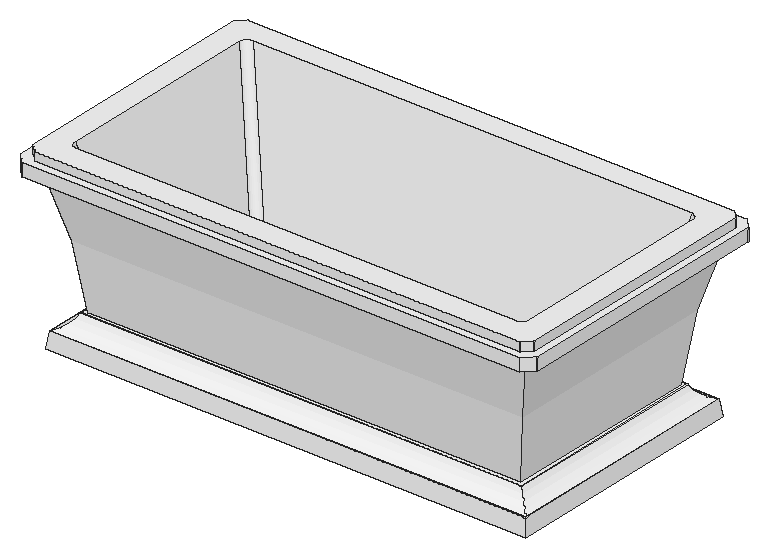
Revit family "Bathtub-Freestanding-DXV-Fitzgerald-D62645004_Series", category Plumbing Fixtures, Revit 2014
Parameters (values of type "D62645004.415")
  Width = 65 3/4"
  Waste Connection Radius = 3/4"
  Waste Connection Diameter = Waste Connection Radius * 2  # 1 1/2"
  Waste Connection = yes
  Warranty Documentation Link = "https://www.dxv.com/-/media/files/dxv/warranty/dxv_warranty_booklet.ashx"
  WFU = 4
  Vent Connection = no
  URL = "https://www.dxv.com/"
  Material = "Acrylic-DXV-415-Canvas White"
  Body Material = Acrylic-DXV-415-Canvas White
  Product Page URL = "https://www.dxv.com/product/fitzgerald-freestanding-soaking-tub-by-dxv"
  Product Documentation Link = "https://dxv01.blob.core.windows.net/dxv-product-pdf-files/spec_D62645004_DXV_Fitzgerald_freestand_tub_EN.pdf"
  Price = "Prices may vary. Please consult Manufacturer Representative for most up-to-date price list."  # constant formula
  Model = "D62645004.415"
  Manufacturer = "DXV"
  Length = 36"
  Installation Type = "Freestanding"
  Height = 23"
  HWFU = 0
  HW Connection = no
  Description = "Fitzgerald Freestanding SoakingTub"
  Default Elevation = 0"
  Creation Date = "21/2/2014"  # constant formula
  CWFU = 0
  CW Connection = no
  Assembly Code = "D2010510"
Types (3): name | Material | Body Material | Model
  (no name) | "Acrylic-DXV-415-Canvas White" | Acrylic-DXV-415-Canvas White | "D62645004.415"
  D62645004.415 | "Acrylic-DXV-415-Canvas White" | Acrylic-DXV-415-Canvas White | "D62645004.415"
  D62645004.071 | "Acrylic-DXV-071-Biscuit" | Acrylic-DXV-071-Biscuit | "D62645004.071"
Reference planes (in)
  plane 1 "Center (Front/Back)": y = 0
  plane 2: z = 0
  plane 3 "Center (Left/Right)": x = 0
  plane 4: z = 23
  plane 5: x = 32.875
  plane 6: y = -18
  plane 7: y = 18
  plane 8: z = 3.25
  plane 9: z = 20.25
  plane 10: y = 14
  plane 11: x = -28.875
  plane 12: y = -14
  plane 13: x = 28.875
  plane 14: x = 23.5
  plane 15: x = -23.5
  plane 16: y = 9.125
  plane 17: y = -9.125
  plane 18: z = 21.89036
  plane 19: x = -32.875
  plane 20: x = 29.125
  plane 21: x = -29.125
  plane 22: y = -8
Forms (in)
  Extrusion 1, solid, material "Acrylic-DXV-415-Canvas White" <- "Body Material"
    sketch origin (0, 0, 0) x (1, 0, 0) y (0, 1, 0)
      loop
        arc (-31.59911, 18) -> (-31.62303, 17.99524) -> (-31.64331, 17.98169) r 0.0625
        line (-31.64331, 17.98169) -> (-32.85669, 16.76831)
        arc (-32.85669, 16.76831) -> (-32.87024, 16.74803) -> (-32.875, 16.72411) r 0.0625
        line (-32.875, 16.72411) -> (-32.875, -16.72411)
        arc (-32.875, -16.72411) -> (-32.87024, -16.74803) -> (-32.85669, -16.76831) r 0.0625
        line (-32.85669, -16.76831) -> (-31.64331, -17.98169)
        arc (-31.64331, -17.98169) -> (-31.62303, -17.99524) -> (-31.59911, -18) r 0.0625
        line (-31.59911, -18) -> (31.59911, -18)
        arc (31.59911, -18) -> (31.62303, -17.99524) -> (31.64331, -17.98169) r 0.0625
        line (31.64331, -17.98169) -> (32.85669, -16.76831)
        arc (32.85669, -16.76831) -> (32.87024, -16.74803) -> (32.875, -16.72411) r 0.0625
        line (32.875, -16.72411) -> (32.875, 16.72411)
        arc (32.875, 16.72411) -> (32.87024, 16.74803) -> (32.85669, 16.76831) r 0.0625
        line (32.85669, 16.76831) -> (31.64331, 17.98169)
        arc (31.64331, 17.98169) -> (31.62303, 17.99524) -> (31.59911, 18) r 0.0625
        line (31.59911, 18) -> (-31.59911, 18)
    from 0 to 21.89036
  Blend 2, void
    base sketch origin (0, 0, 0) x (1, 0, 0) y (0, 1, 0)
      loop
        arc (-22.5, 9.125) -> (-23.20711, 8.83211) -> (-23.5, 8.125) r 1
        line (-23.5, 8.125) -> (-23.5, -8.125)
        arc (-23.5, -8.125) -> (-23.20711, -8.83211) -> (-22.5, -9.125) r 1
        line (-22.5, -9.125) -> (22.5, -9.125)
        arc (22.5, -9.125) -> (23.20711, -8.83211) -> (23.5, -8.125) r 1
        line (23.5, -8.125) -> (23.5, 8.125)
        arc (23.5, 8.125) -> (23.20711, 8.83211) -> (22.5, 9.125) r 1
        line (22.5, 9.125) -> (-22.5, 9.125)
    top sketch origin (0, 0, 0) x (1, 0, 0) y (0, 1, 0)
      loop
        arc (-27.875, 14) -> (-28.58211, 13.70711) -> (-28.875, 13) r 1
        line (-28.875, 13) -> (-28.875, -13)
        arc (-28.875, -13) -> (-28.58211, -13.70711) -> (-27.875, -14) r 1
        line (-27.875, -14) -> (27.875, -14)
        arc (27.875, -14) -> (28.58211, -13.70711) -> (28.875, -13) r 1
        line (28.875, -13) -> (28.875, 13)
        arc (28.875, 13) -> (28.58211, 13.70711) -> (27.875, 14) r 1
        line (27.875, 14) -> (-27.875, 14)
    from 3.25 to 23
  Extrusion 3, solid, material "Acrylic-DXV-415-Canvas White" <- "Body Material"
    sketch origin (0, 0, 0) x (1, 0, 0) y (0, 1, 0)
      loop
        arc (-30.84911, 17) -> (-30.87303, 16.99524) -> (-30.89331, 16.98169) r 0.0625
        line (-30.89331, 16.98169) -> (-31.85669, 16.01831)
        arc (-31.85669, 16.01831) -> (-31.87024, 15.99803) -> (-31.875, 15.97411) r 0.0625
        line (-31.875, 15.97411) -> (-31.875, -15.97411)
        arc (-31.875, -15.97411) -> (-31.87024, -15.99803) -> (-31.85669, -16.01831) r 0.0625
        line (-31.85669, -16.01831) -> (-30.89331, -16.98169)
        arc (-30.89331, -16.98169) -> (-30.87303, -16.99524) -> (-30.84911, -17) r 0.0625
        line (-30.84911, -17) -> (30.84911, -17)
        arc (30.84911, -17) -> (30.87303, -16.99524) -> (30.89331, -16.98169) r 0.0625
        line (30.89331, -16.98169) -> (31.85669, -16.01831)
        arc (31.85669, -16.01831) -> (31.87024, -15.99803) -> (31.875, -15.97411) r 0.0625
        line (31.875, -15.97411) -> (31.875, 15.97411)
        arc (31.875, 15.97411) -> (31.87024, 15.99803) -> (31.85669, 16.01831) r 0.0625
        line (31.85669, 16.01831) -> (30.89331, 16.98169)
        arc (30.89331, 16.98169) -> (30.87303, 16.99524) -> (30.84911, 17) r 0.0625
        line (30.84911, 17) -> (-30.84911, 17)
    from 21.89036 to 23
  Extrusion 4, void
    sketch origin (0, 0, 0) x (1, 0, 0) y (0, 1, 0)
      loop
        circle (0, -8) r 0.75
    from 0 to 6
  Revolve 5, solid, material "Acrylic-DXV-415-Canvas White" <- "Body Material"
    sketch origin (0, 5.23306, 3.98842) x (0, 0.970296, 0.241922) y (0, -0.241922, 0.970296)
      loop
        line (-13.91263, 21.25) -> (-14.51608, 21.25) -> (-14.51608, 20.25) -> (-13.48392, 20.25)
        arc (-13.48392, 20.25) -> (-13.53603, 20.69344) -> (-13.68949, 21.11274) r 1.91317
        arc (-13.68949, 21.11274) -> (-13.78164, 21.21294) -> (-13.91263, 21.25) r 0.25
      axis (-13.48392, 20.25) -> (-14.51608, 20.25)
    angle from 0 to 360
  Sweep 6, void
    path origin (0, 0, 0) x (1, 0, 0) y (0, 1, 0)
      loop
        line (-32.875, 18) -> (-32.875, -18) -> (32.875, -18) -> (32.875, 18) -> (-32.875, 18)
    profile origin (0, 18, 0) x (0, 1, 0) y (0, 0, 1)
      loop
        line (-0.25, 23) -> (-0.25, 21.89036) -> (0, 21.89036) -> (0, 20.25) -> (-2.13694, 20.25)
        arc (-2.13694, 20.25) -> (-4.20341, 12.18502) -> (-5.35065, 3.93892) r 73.98164
        line (-5.35065, 3.93892) -> (-4.86855, 3.93892)
        arc (-4.86855, 3.93892) -> (-4.85331, 3.93463) -> (-4.84253, 3.92303) r 0.02927
        arc (-4.84253, 3.92303) -> (-3.93162, 2.78233) -> (-2.65004, 2.08341) r 3.69508
        arc (-2.65004, 2.08341) -> (-2.63716, 2.07483) -> (-2.631, 2.06064) r 0.02732
        line (-2.631, 2.06064) -> (-2.37799, 0) -> (0.62201, 0) -> (0.62201, 23) -> (-0.25, 23)
Cuts and joins
  Blend 2, Extrusion 4, Sweep 6 cuts Extrusion 1
  Blend 2 cuts Extrusion 3
  Sweep 6 cuts Revolve 5
  joined: Extrusion 1, Extrusion 3, Revolve 5
Lines and regions (in)
  Masking region 1
    outline origin (0, 0, 0) x (1, 0, 0) y (0, 1, 0)
      loop
        line (-31.625, 18) -> (-32.875, 16.75) -> (-32.875, -16.75) -> (-31.625, -18) -> (31.625, -18) -> (32.875, -16.75) -> (32.875, 16.75) -> (31.625, 18) -> (-31.625, 18)
  symbolic lines, detail levels fine
    curve 1: line (-31.875, -16, 0) -> (-30.875, -17, 0)
    curve 2: line (-31.875, 16, 0) -> (-31.875, -16, 0)
    curve 3: line (-30.875, -17, 0) -> (30.875, -17, 0)
    curve 4: line (-30.875, 17, 0) -> (-31.875, 16, 0)
    curve 5: line (30.875, 17, 0) -> (-30.875, 17, 0)
    curve 6: line (31.875, -16, 0) -> (31.875, 16, 0)
    curve 7: line (31.875, 16, 0) -> (30.875, 17, 0)
    curve 8: line (30.875, -17, 0) -> (31.875, -16, 0)
    curve 9: line (-22.5, -9.125, 0) -> (22.5, -9.125, 0)
    curve 10: arc (22.5, -9.125, 0) -> (23.20711, -8.83211, 0) -> (23.5, -8.125, 0) r 1
    curve 11: line (23.5, -8.125, 0) -> (23.5, 8.125, 0)
    curve 12: arc (23.5, 8.125, 0) -> (23.20711, 8.83211, 0) -> (22.5, 9.125, 0) r 1
    curve 13: line (22.5, 9.125, 0) -> (-22.5, 9.125, 0)
    curve 14: arc (-22.5, 9.125, 0) -> (-23.20711, 8.83211, 0) -> (-23.5, 8.125, 0) r 1
    curve 15: line (-23.5, 8.125, 0) -> (-23.5, -8.125, 0)
    curve 16: arc (-23.5, -8.125, 0) -> (-23.20711, -8.83211, 0) -> (-22.5, -9.125, 0) r 1
  symbolic lines, detail levels medium+fine
    curve 17: circle (0, -8, 0) r 0.75 normal (0, 0, 1)
    curve 18: line (27.875, 14, 0) -> (-27.875, 14, 0)
    curve 19: line (-28.875, 13, 0) -> (-28.875, -13, 0)
    curve 20: arc (-27.875, 14, 0) -> (-28.58211, 13.70711, 0) -> (-28.875, 13, 0) r 1
    curve 21: arc (-28.875, -13, 0) -> (-28.58211, -13.70711, 0) -> (-27.875, -14, 0) r 1
    curve 22: line (-27.875, -14, 0) -> (27.875, -14, 0)
    curve 23: arc (27.875, -14, 0) -> (28.58211, -13.70711, 0) -> (28.875, -13, 0) r 1
    curve 24: line (28.875, -13, 0) -> (28.875, 13, 0)
    curve 25: arc (28.875, 13, 0) -> (28.58211, 13.70711, 0) -> (27.875, 14, 0) r 1
Dimensions and locks (in)
  "Height": plane 4 to level
  plane 4 to plane 8 = 19 3/4"
  "Length": plane 6 to plane 7
  plane 13 to plane 5 = 4"
  plane 10 to plane 7 = 4"
  plane 12 to plane 6 = 4"
  plane 15 to plane 14 = 47"
  plane 21 to plane 20 = 58 1/4"
  plane 22 to plane 6 = 10"
  plane 9 to plane 8 = 17"
  "Width": plane 19 to plane 5
  aligned and locked: plane 7 to Sweep 6 sketch curve
  aligned and locked: Sweep 6 sketch curve to plane 19
  aligned and locked: plane 6 to Sweep 6 sketch curve
  aligned and locked: Sweep 6 sketch curve to plane 5
Automatic sketch dimensions
  Blend 2 sketch curve to plane 15 = 0"
  Blend 2 sketch curve to plane 17 = 0"
  plane 16 to Blend 2 sketch curve = 0"
  Blend 2 sketch curve to plane 14 = 0"
  Blend 2 sketch curve to plane 15 = 1"  (x2)
  Blend 2 sketch curve to plane 14 = 1"
  Blend 2 sketch curve to plane 22 = 1/8"
  Blend 2 sketch curve to plane 11 = 0"
  Blend 2 sketch curve to plane 12 = 0"
  Blend 2 sketch curve to plane 13 = 0"
  Blend 2 sketch curve to plane 11 = 1"  (x2)
  plane 10 to Blend 2 sketch curve = 0"
  Blend 2 sketch curve to plane 13 = 1"
  Blend 2 sketch curve to Blend 2 sketch curve = 1"
  Extrusion 4 sketch curve to plane 3 "Center (Left/Right)" = 0"
  Extrusion 4 sketch curve to plane 22 = 0"
  Revolve 5 sketch curve to plane 9 = 0.33799"
  Revolve 5 sketch curve to plane 12 = 0.60559"
  Revolve 5 sketch curve to Revolve 5 sketch curve = 0.88101"
  Revolve 5 sketch curve to Revolve 5 sketch curve = 0.60345"
  Revolve 5 sketch curve to Revolve 5 sketch curve = 0.22314"
  Revolve 5 sketch curve to Revolve 5 sketch curve = 0"  (x2)
  Revolve 5 sketch curve to Revolve 5 sketch curve = 0.42871"
  Revolve 5 sketch curve to Revolve 5 sketch curve = 9.23392"
  Revolve 5 sketch curve to Revolve 5 sketch curve = 1/2"
  plane 19 to Masking region 1 sketch curve = 0"
  plane 7 to Masking region 1 sketch curve = 0"
  Masking region 1 sketch curve to plane 6 = 0"
  Masking region 1 sketch curve to plane 5 = 0"
  Masking region 1 sketch curve to plane 19 = 1 1/4"  (x2)
  Masking region 1 sketch curve to plane 5 = 1 1/4"  (x2)
  plane 6 to Masking region 1 sketch curve = 1 1/4"  (x2)
  plane 7 to Masking region 1 sketch curve = 1 1/4"  (x2)
  Masking region 1 sketch curve to Masking region 1 sketch curve = 0"
  curve 14 to plane 15 = 0"
  plane 16 to curve 13 = 0"
  curve 16 to plane 17 = 0"
  curve 17 to plane 3 "Center (Left/Right)" = 0"
  curve 11 to plane 14 = 0"
  curve 17 to plane 22 = 0"
  curve 4 to plane 19 = 1"
  curve 13 to plane 15 = 1"
  curve 16 to plane 22 = 1/8"
  curve 13 to plane 14 = 1"
  curve 10 to plane 22 = 1/8"
  plane 20 to curve 3 = 1 3/4"
  plane 20 to curve 7 = 1 3/4"
  curve 8 to plane 5 = 1"
  plane 6 to curve 8 = 1"
  plane 7 to curve 7 = 2"
  plane 7 to curve 2 = 2"
  plane 7 to curve 5 = 1"
  curve 19 to plane 11 = 0"
  plane 10 to curve 20 = 0"
  curve 20 to plane 11 = 1"
  curve 18 to plane 13 = 1"
  plane 12 to curve 19 = 1"
  curve 21 to plane 12 = 0"
  curve 22 to plane 13 = 1"
  curve 23 to plane 13 = 0"
  curve 2 to curve 5 = 1"
  curve 1 to curve 3 = 1"
  curve 1 to curve 1 = 1"
  curve 3 to curve 8 = 1"
  Extrusion 1 sketch curve to plane 19 = 0"
  plane 7 to Extrusion 1 sketch curve = 0"
  Extrusion 1 sketch curve to plane 6 = 0"
  Extrusion 1 sketch curve to plane 5 = 0"
  Extrusion 1 sketch curve to plane 19 = 0.01831"  (x2)
  Extrusion 1 sketch curve to Extrusion 1 sketch curve = 0.04419"  (x4)
  plane 7 to Extrusion 1 sketch curve = 0.01831"  (x2)
  Extrusion 1 sketch curve to plane 19 = 1.23169"
  plane 6 to Extrusion 1 sketch curve = 0.01831"  (x2)
  Extrusion 1 sketch curve to Extrusion 1 sketch curve = 1.21339"
  plane 6 to Extrusion 1 sketch curve = 1/16"
  Extrusion 1 sketch curve to plane 5 = 1.27589"  (x2)
  plane 7 to Extrusion 1 sketch curve = 1/16"
  Extrusion 1 sketch curve to plane 5 = 1/16"  (x2)
  Extrusion 1 sketch curve to plane 5 = 0.01831"  (x2)
  plane 6 to Extrusion 1 sketch curve = 1.23169"  (x2)
  plane 7 to Extrusion 1 sketch curve = 1.27589"  (x2)
  Extrusion 3 sketch curve to plane 19 = 1"
  Extrusion 3 sketch curve to Extrusion 3 sketch curve = 0.01831"  (x4)
  Extrusion 3 sketch curve to Extrusion 3 sketch curve = 1/16"  (x2)
  plane 7 to Extrusion 3 sketch curve = 1.01831"  (x2)
  Extrusion 3 sketch curve to Extrusion 3 sketch curve = 0.96339"  (x6)
  plane 6 to Extrusion 3 sketch curve = 1.01831"  (x2)
  Extrusion 3 sketch curve to Extrusion 3 sketch curve = 0.04419"  (x6)
  plane 20 to Extrusion 3 sketch curve = 2 11/16"
  plane 20 to Extrusion 3 sketch curve = 1.72411"
  Extrusion 3 sketch curve to plane 5 = 1 1/16"
  Extrusion 3 sketch curve to Extrusion 3 sketch curve = 1.00758"  (x2)
  Sweep 6 sketch curve to level = 0"
  Sweep 6 sketch curve to profile plane = 0"
  profile plane to Sweep 6 sketch curve = 1/4"
  profile plane to Sweep 6 sketch curve = 1.55654"
  profile plane to Sweep 6 sketch curve = 2.13694"
  profile plane to Sweep 6 sketch curve = 2.37799"
  Sweep 6 sketch curve to Sweep 6 sketch curve = 0.25301"
  Sweep 6 sketch curve to Sweep 6 sketch curve = 0.02712"
  Sweep 6 sketch curve to Sweep 6 sketch curve = 2.21043"
  Sweep 6 sketch curve to Sweep 6 sketch curve = 0.48209"
  Sweep 6 sketch curve to profile plane = 0.62201"
  Sweep 6 sketch curve to level = 2.11634"
  Sweep 6 sketch curve to Sweep 6 sketch curve = 67.76076"
  level to Sweep 6 sketch curve = 2.05731"
  Sweep 6 sketch curve to Sweep 6 sketch curve = 0.00333"
  Sweep 6 sketch curve to Sweep 6 sketch curve = 1.85234"
  Sweep 6 sketch curve to Sweep 6 sketch curve = 0.02927"
  Sweep 6 sketch curve to Sweep 6 sketch curve = 1.67407"
  Sweep 6 sketch curve to Sweep 6 sketch curve = 1.64036"
  Sweep 6 sketch curve to Sweep 6 sketch curve = 1.10964"
  Sweep 6 sketch curve to Sweep 6 sketch curve = 0"
  radius of Extrusion 4 sketch curve = 3/4"
  radius of curve 17 = 3/4"
Connectors (in)
  piping at (0, -8, 0), diameter 1.5, driven by "Waste Connection Radius", driven by "WFU"
    settings: on cut or joined group of Extrusion 1, Blend 2, Extrusion 3, Extrusion 4, Revolve 5, Sweep 6, index 1, connector inside diameter 24", connector length 0", flow factor 0, pipe flow 0 GPM, pressure drop 0.00 psi, fitting loss kfactor 0, connector angle 0.00°, fixture units 4, engagement length 0", angle of deflection 0.00°, flow configuration 3, flow direction 2, fitting loss method 0, system type 16, joint type 0, gender type 0, connector reference index -1, connector utility 0, adjustable connector no, is connector primary yes, connector description "1-1/2\" Waste Outlet Connection"
